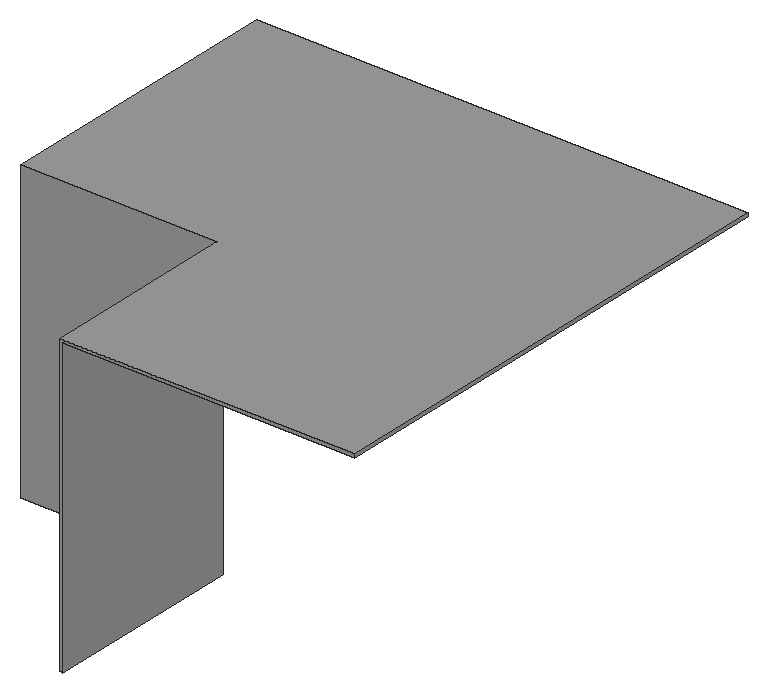
Revit family "Flashing_Preformed_Hyload_CornerCap-Int", category Generic Models, Revit 2013
Parameters (values of type "As Specified")
  Unit Width = 0' - 10"
  Unit Height = 0' - 6"
  Unit Depth = 0' - 6"
  URL = "http://www.hyload.com/"
  Thickness = 0' - 0 1/16"
  Specification = "http://www.arcat.com/sdspecs/htm04/07_65_00hyl.htm"
  Sales Information = "http://www.hyload.com/contact-us"
  Revision = "R1_12-2015"
  Product Properties = "http://www.hyload.com/masonry-flashing/preformed-shapes/"
  Product Data = "http://www.arcat.com/arcatcos/cos33/arc33176.html"
  Model = "Interior Corner Cap"
  Manufacturer Website = "http://www.hyload.com/"
  Manufacturer Phone - Toll Free = "800-457-4056"
  Manufacturer Phone = "330-769-3546"
  Manufacturer Fax = "330-769-4153"
  Manufacturer Address = "5020 Panther Pkwy., Seville, OH 44273"
  Manufacturer = "Hyload"
  Keynote = "07 65 00"
  Flashing Material = Hyload Flashing Membrane - Grey
  Drawn By = "Robert S. Weygant / Sumex Design"
  Description = "Preformed Hyload Masonry Flashing - Interior Corner Cap"
  Copyright = "(c) ARCAT, Inc, 2015"
  Construction Details = "http://www.arcat.com/details/hyload/hyload.html?coid=33176"
  Assembly Code = "B3010400"
Reference planes (in)
  plane 1 "Center (Front/Back)": y = 0
  plane 2: z = 0
  plane 3 "Center (Left/Right)": x = 0
  plane 4: y = 6
  plane 5: x = 6
  plane 6: z = 6
  plane 7: y = -4
  plane 8: x = -4
Forms (in)
  Sweep 1, solid, material "Hyload Flashing Membrane - Grey" <- "Flashing Material"
    path origin (0, 0, 0) x (1, 0, 0) y (0, 1, 0)
      loop
        line (0, -4) -> (0, 0) -> (-4, 0)
    profile origin (0, -2, 0) x (-1, 0, 0) y (0, 0, 1)
      loop
        line (0, 0) -> (0, 6.0625) -> (-6, 6.0625) -> (-6, 6) -> (-0.0625, 6) -> (-0.0625, 0) -> (0, 0)
Dimensions and locks (in)
  "Unit Depth": plane 1 "Center (Front/Back)" to plane 4
  "Unit Depth": plane 3 "Center (Left/Right)" to plane 5
  "Thickness": Sweep 1 sketch curve to plane 3 "Center (Left/Right)"
  "Unit Height": plane 6 to level
  "Unit Width": plane 8 to plane 5
  "Unit Width": plane 4 to plane 7
  "Thickness": Sweep 1 sketch curve to plane 6
  aligned and locked: plane 2 to level
  aligned and locked: Sweep 1 sketch curve to plane 1 "Center (Front/Back)"
  aligned and locked: plane 3 "Center (Left/Right)" to Sweep 1 sketch curve
  aligned and locked: Sweep 1 sketch curve to level
  aligned and locked: plane 6 to Sweep 1 sketch curve
  aligned and locked: plane 8 to Sweep 1 sketch curve
  aligned and locked: plane 7 to Sweep 1 sketch curve
  aligned and locked: plane 5 to Sweep 1 sketch curve
Automatic sketch dimensions
  Sweep 1 sketch curve to profile plane = 0' - 0"
